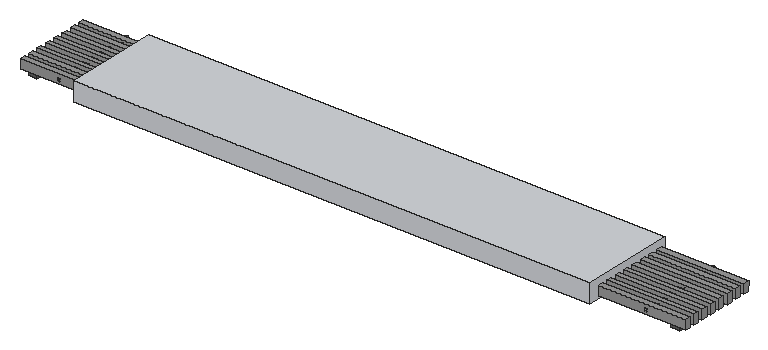
Revit family "1212-8, Solid", category Generic Models, host Face, Revit 2020
Family settings
  Host = Face
  Can host rebar = No
  Round Connector Dimension = Use Diameter
  Part Type = Normal
  Cut with Voids When Loaded = No
  Shared = No
  Room Calculation Point = No
Parameters
  min_value [instance] = 1' - 11 1/4"  # constant formula
  max_value [instance] = 11' - 11 1/4"  # constant formula
  actual_value [instance] = if(NET LENGTH < min_value, min_value, if(NET LENGTH > max_value, max_value, NET LENGTH))  # 7' - 11 1/4"
  NET LENGTH [instance] = 7' - 11 1/4"
  IMPORTANT NOTE!!!                                                                             *Backer & dowel layout is for visualization purposes only, final layout to be determined by 9Wood. [instance] = ""
  Default Elevation = 4' - 0"
  DOWEL RADIUS [instance] = 0' - 0 1/4"  # constant formula
  BACKING M MATERIAL [instance] = BLACK-BACKERS
  .. MEMBER WIDTH [instance] = 0' - 0 3/4"  # constant formula
  .. MEMBER MATERIAL [instance] = Solid Western Hemlock
  .. MEMBER DEPTH [instance] = 0' - 1 3/8"  # constant formula
  .. MEMBER COUNT [instance] = 8  # constant formula
Reference planes (in)
  plane 1 "Center (Front/Back)": y = 0
  plane 2: z = 2.726
  plane 3 "Center (Left/Right)": x = 0
Forms (in)
  Extrusion 1, solid
    sketch origin (15, -0.86619, -0.99308) x (0, 1, 0) y (-1, 0, 0)
      loop
        line (3.42869, -23.66817) -> (3.42869, 50.25) -> (-10, 50.25) -> (-10, -23.66817) -> (3.42869, -23.66817)
    from 3.71908 to 1.00111
Dimensions and locks (in)
  aligned and locked: plane 2 to Extrusion 1
Nested families (in)
  nested 1: "1200 Series" at (-44, -2, 1.87867), NET LENGTH <- "actual_value", DOWEL RADII <- "DOWEL RADIUS", .. MEMBER WIDTH <- ".. MEMBER WIDTH", .. MEMBER DEPTH <- ".. MEMBER DEPTH", .. MEMBER MATERIAL <- ".. MEMBER MATERIAL", BACKING M MATERIAL <- "BACKING M MATERIAL", .. MEMBER COUNT <- ".. MEMBER COUNT", type "1200 Series"
    with X 7' - 4", WIDTH 1' - 0 1/16", Space 0' - 0 11/16", START 0' - 0 3/8", SCRIM MATERIAL SCRIM, SCRIM 3 8' - 1", SCRIM 2 0' - 0 7/8", SCRIM 1 0' - 0 3/32", SCRIM yes, NET LENGTH 7' - 11 1/4", N 8, INSET 3 0' - 0 3/16", INSET 0' - 1", INDEX 0' - 5 5/8", END BACKER yes, DOWEL RADII 0' - 0 1/4", DOWEL COUNT 8, BACKING M WIDTH 0' - 1 1/4", BACKING M MATERIAL BLACK-BACKERS, BACKING M LENGTH 0' - 11 7/8", BACKING M DEPTH 0' - 0 1/2", .. MEMBER WIDTH 0' - 0 3/4", .. MEMBER OC TYP 0' - 1 1/2", .. MEMBER MATERIAL Solid Western Hemlock, .. MEMBER DEPTH 0' - 1 3/8", .. MEMBER COUNT 8
Definition of nested family "1200 Series"
  Parameters (values of type "1200 Series")
    X [instance] = NET LENGTH - (0' 3 5/8" * 2)  # 6' - 2"
    WIDTH [instance] = 1' - 0 1/16"
    Space [instance] = 0' - 0 11/16"  # constant formula
    START [instance] = .. MEMBER WIDTH / 2  # 0' - 0 3/8"
    SCRIM MATERIAL [instance] = none
    SCRIM 3 [instance] = NET LENGTH + (SCRIM 2 * 2)  # 6' - 11"
    SCRIM 2 [instance] = 0' - 0 7/8"
    SCRIM 1 [instance] = 0' - 0 3/32"
    SCRIM [instance] = yes
    NET LENGTH [instance] = 6' - 9 1/4"
    N [instance] = if((X - (rounddown(X / 1' 0") * 1' 0")) > 1' 0", rounddown(X / 1' 0") + 2, rounddown(X / 1' 0") + 1)  # 7
    INSET 3 [instance] = 0' - 0 3/16"
    INSET [instance] = 0' - 1"
    INDEX [instance] = (NET LENGTH - ((N - 1) * 1' 0")) / 2  # 0' - 4 5/8"
    END BACKER [instance] = yes
    Default Elevation = 0' - 0"
    DOWEL RADII [instance] = 0' - 0 1/4"
    DOWEL COUNT [instance] = N  # 7
    BACKING M WIDTH [instance] = 0' - 1 1/4"
    BACKING M MATERIAL [instance] = none
    BACKING M LENGTH [instance] = 0' - 11 7/8"
    BACKING M DEPTH [instance] = 0' - 0 1/2"
    .. MEMBER WIDTH [instance] = 0' - 0 3/4"
    .. MEMBER OC TYP [instance] = 1' 0" / .. MEMBER COUNT  # 0' - 3"
    .. MEMBER MATERIAL [instance] = none
    .. MEMBER DEPTH [instance] = 0' - 1 3/8"
    .. MEMBER COUNT [instance] = 4
  Reference planes (in)
    plane 1 "Center (Front/Back)": y = -7.5
    plane 2: z = 0
    plane 3 "Center (Left/Right)": x = 0
    plane 4: x = 1
    plane 5: x = 4.625
    plane 6: x = 81.25
    plane 7: x = 80.25
    plane 8: x = 16.625
    plane 9: y = -7.3125
    plane 10: y = -4.125
    plane 11: y = -7.125
    plane 12: y = 4.5625
    plane 13: y = -4.5
    plane 14: y = -7.59375
    plane 15: x = 82.125
    plane 16: y = 4.65625
    plane 17: x = -0.875
    plane 18: z = -1.375
    plane 19: z = -0.6875
  Lines and regions (in)
    model lines
      curve 1: line (4.375, -7.5, -0.6875) -> (4.875, -7.5, -0.6875)
    model lines, not visible
      curve 2: line (4.625, -7.5, -0.9375) -> (4.625, -7.5, -0.4375)
      curve 3: line (4.375, -7.5, -0.6875) -> (4.875, -7.5, -0.6875)
      curve 4: line (16.625, -7.5, -0.9375) -> (16.625, -7.5, -0.4375)
      curve 5: line (16.375, -7.5, -0.6875) -> (16.875, -7.5, -0.6875)
      curve 6: line (28.625, -7.5, -0.9375) -> (28.625, -7.5, -0.4375)
      curve 7: line (28.375, -7.5, -0.6875) -> (28.875, -7.5, -0.6875)
      curve 8: line (40.625, -7.5, -0.9375) -> (40.625, -7.5, -0.4375)
      curve 9: line (40.375, -7.5, -0.6875) -> (40.875, -7.5, -0.6875)
      curve 10: line (52.625, -7.5, -0.9375) -> (52.625, -7.5, -0.4375)
      curve 11: line (52.375, -7.5, -0.6875) -> (52.875, -7.5, -0.6875)
      curve 12: line (64.625, -7.5, -0.9375) -> (64.625, -7.5, -0.4375)
      curve 13: line (64.375, -7.5, -0.6875) -> (64.875, -7.5, -0.6875)
      curve 14: line (76.625, -7.5, -0.9375) -> (76.625, -7.5, -0.4375)
      curve 15: line (76.375, -7.5, -0.6875) -> (76.875, -7.5, -0.6875)
  Dimensions and locks (in)
    "NET LENGTH": plane 3 "Center (Left/Right)" to plane 6
    "INSET": plane 7 to plane 6
    "INDEX": plane 3 "Center (Left/Right)" to plane 5
    plane 5 to plane 8 = 1' - 0"
    "INSET 3": plane 1 "Center (Front/Back)" to plane 9
    equal spacing: group 1, group 2, group 3, group 4  (x3)
    "START": plane 11 to plane 1 "Center (Front/Back)"
    ".. MEMBER OC TYP": plane 10 to plane 11
    "WIDTH": plane 12 to plane 1 "Center (Front/Back)"
    "START": plane 10 to plane 13
    "SCRIM 1": plane 14 to plane 1 "Center (Front/Back)"
    "SCRIM 2": plane 6 to plane 15
    "SCRIM 1": plane 12 to plane 16
    "SCRIM 2": plane 17 to plane 3 "Center (Left/Right)"
    "INSET": plane 3 "Center (Left/Right)" to plane 4
    equal spacing: group 5, group 6, group 7, group 8, group 9, group 10, group 11  (x3)
    "Space": plane 19 to plane 18
    aligned and locked: level to plane 2
    aligned and locked: nested 1 to plane 4  (x2)
    aligned and locked: plane 7 to nested 2
    aligned and locked: plane 5 to nested 3
    aligned and locked: nested 1 to plane 9
    aligned and locked: plane 1 "Center (Front/Back)" to nested 4
    aligned and locked: plane 9 to nested 2
    aligned and locked: plane 13 to nested 5
    aligned and locked: nested 3 to plane 9
    aligned and locked: plane 18 to nested 1
    aligned and locked: plane 19 to nested 3
    aligned and locked: curve 1 to plane 19
    aligned and locked: plane 8 to curve 4
    aligned and locked: curve 5 to plane 19
    aligned and locked: nested 4 to plane 18
  Automatic sketch dimensions
    curve 1 to curve 1 = 0' - 0 1/2"
    curve 1 to plane 5 = 0' - 0 1/4"
    plane 5 to curve 1 = 0' - 0 1/4"
    curve 3 to curve 2 = 0' - 0 1/4"  (x2)
    curve 2 to curve 3 = 0' - 0 1/4"  (x2)
    curve 5 to curve 4 = 0' - 0 1/4"  (x2)
    curve 4 to curve 5 = 0' - 0 1/4"  (x2)
    curve 7 to curve 6 = 0' - 0 1/4"  (x2)
    curve 6 to curve 7 = 0' - 0 1/4"  (x2)
    curve 9 to curve 8 = 0' - 0 1/4"  (x2)
    curve 8 to curve 9 = 0' - 0 1/4"  (x2)
    curve 11 to curve 10 = 0' - 0 1/4"  (x2)
    curve 10 to curve 11 = 0' - 0 1/4"  (x2)
    curve 13 to curve 12 = 0' - 0 1/4"  (x2)
    curve 12 to curve 13 = 0' - 0 1/4"  (x2)
    curve 15 to curve 14 = 0' - 0 1/4"  (x2)
    curve 14 to curve 15 = 0' - 0 1/4"  (x2)
  Nested families (in)
    nested 1: "INSTANCE - 2ND -  EXTEND SIDE H CENTER W - Parametric Cube" at (1, -1.375, -1.375) x (0, -1, 0) z (0, 0, 1), Width <- "BACKING M LENGTH", Length <- "BACKING M WIDTH", Material <- "BACKING M MATERIAL", Height <- "BACKING M DEPTH", visible <- "END BACKER", type "INSTANCE - 2ND -  EXTEND SIDE H CENTER W - Parametric Cube"
      with Width 0' - 11 7/8", Material none, Length 0' - 1 1/4", Height 0' - 0 1/2"
    nested 2: "INSTANCE - 2ND -  EXTEND SIDE H CENTER W - Parametric Cube" at (80.25, -1.375, -1.375) x (0, -1, 0) z (0, 0, 1), Width <- "BACKING M LENGTH", Length <- "BACKING M WIDTH", Material <- "BACKING M MATERIAL", Height <- "BACKING M DEPTH", visible <- "END BACKER", type "INSTANCE - 2ND -  EXTEND SIDE H CENTER W - Parametric Cube"
      with Width 0' - 11 7/8", Material none, Length 0' - 1 1/4", Height 0' - 0 1/2"
    nested 3: "Family3" at (-5.375, -7.3125, -0.6875), DOWEL RADII <- "DOWEL RADII", BACKING MEM MATERIAL <- "BACKING M MATERIAL", type "Family3"
      with DOWEL RADII 0' - 0 1/4", DOWEL LENGTH 0' - 11 7/8", BACKING MEM MATERIAL none
    nested 4: "HOLED MEMBER" at (0, -18.75, 6.19404), DOWEL RADII <- "DOWEL RADII", .. MEMBER LENGTH <- "NET LENGTH", DOWEL COUNT <- "DOWEL COUNT", DEPTH <- ".. MEMBER DEPTH", .. MEMBER WIDTH <- ".. MEMBER WIDTH", Material <- ".. MEMBER MATERIAL", DOWEL INDEX <- "INDEX", Space 2 <- "Space", type "HOLED MEMBER"
      with Width 0' - 6", Space 2 0' - 0 11/16", Material none, Length 1' - 0", Height 0' - 10.43096", DOWEL RADII 0' - 0 1/4", DOWEL OC DIST 1' - 0", DOWEL INDEX 0' - 4 5/8", DOWEL COUNT 7, DEPTH 0' - 1 3/8", .. MEMBER WIDTH 0' - 0 3/4", .. MEMBER LENGTH 6' - 9 1/4"
    nested 5: "HOLED MEMBER" at (0, -15.75, 6.19404), DOWEL RADII <- "DOWEL RADII", .. MEMBER LENGTH <- "NET LENGTH", DOWEL COUNT <- "DOWEL COUNT", DEPTH <- ".. MEMBER DEPTH", .. MEMBER WIDTH <- ".. MEMBER WIDTH", Material <- ".. MEMBER MATERIAL", DOWEL INDEX <- "INDEX", Space 2 <- "Space", type "HOLED MEMBER"
      with Width 0' - 6", Space 2 0' - 0 11/16", Material none, Length 1' - 0", Height 0' - 10.43096", DOWEL RADII 0' - 0 1/4", DOWEL OC DIST 1' - 0", DOWEL INDEX 0' - 4 5/8", DOWEL COUNT 7, DEPTH 0' - 1 3/8", .. MEMBER WIDTH 0' - 0 3/4", .. MEMBER LENGTH 6' - 9 1/4"
    nested 6: "HOLED MEMBER" at (0, -12.75, 6.19404), DOWEL RADII <- "DOWEL RADII", .. MEMBER LENGTH <- "NET LENGTH", DOWEL COUNT <- "DOWEL COUNT", DEPTH <- ".. MEMBER DEPTH", .. MEMBER WIDTH <- ".. MEMBER WIDTH", Material <- ".. MEMBER MATERIAL", DOWEL INDEX <- "INDEX", Space 2 <- "Space", type "HOLED MEMBER"
      with Width 0' - 6", Space 2 0' - 0 11/16", Material none, Length 1' - 0", Height 0' - 10.43096", DOWEL RADII 0' - 0 1/4", DOWEL OC DIST 1' - 0", DOWEL INDEX 0' - 4 5/8", DOWEL COUNT 7, DEPTH 0' - 1 3/8", .. MEMBER WIDTH 0' - 0 3/4", .. MEMBER LENGTH 6' - 9 1/4"
    nested 7: "HOLED MEMBER" at (0, -9.75, 6.19404), DOWEL RADII <- "DOWEL RADII", .. MEMBER LENGTH <- "NET LENGTH", DOWEL COUNT <- "DOWEL COUNT", DEPTH <- ".. MEMBER DEPTH", .. MEMBER WIDTH <- ".. MEMBER WIDTH", Material <- ".. MEMBER MATERIAL", DOWEL INDEX <- "INDEX", Space 2 <- "Space", type "HOLED MEMBER"
      with Width 0' - 6", Space 2 0' - 0 11/16", Material none, Length 1' - 0", Height 0' - 10.43096", DOWEL RADII 0' - 0 1/4", DOWEL OC DIST 1' - 0", DOWEL INDEX 0' - 4 5/8", DOWEL COUNT 7, DEPTH 0' - 1 3/8", .. MEMBER WIDTH 0' - 0 3/4", .. MEMBER LENGTH 6' - 9 1/4"
    nested 8: "Family3" at (6.625, -7.3125, -0.6875), DOWEL RADII <- "DOWEL RADII", BACKING MEM MATERIAL <- "BACKING M MATERIAL", type "Family3"
      with DOWEL RADII 0' - 0 1/4", DOWEL LENGTH 0' - 11 7/8", BACKING MEM MATERIAL none
    nested 9: "Family3" at (18.625, -7.3125, -0.6875), DOWEL RADII <- "DOWEL RADII", BACKING MEM MATERIAL <- "BACKING M MATERIAL", type "Family3"
      with DOWEL RADII 0' - 0 1/4", DOWEL LENGTH 0' - 11 7/8", BACKING MEM MATERIAL none
    nested 10: "Family3" at (30.625, -7.3125, -0.6875), DOWEL RADII <- "DOWEL RADII", BACKING MEM MATERIAL <- "BACKING M MATERIAL", type "Family3"
      with DOWEL RADII 0' - 0 1/4", DOWEL LENGTH 0' - 11 7/8", BACKING MEM MATERIAL none
    nested 11: "Family3" at (42.625, -7.3125, -0.6875), DOWEL RADII <- "DOWEL RADII", BACKING MEM MATERIAL <- "BACKING M MATERIAL", type "Family3"
      with DOWEL RADII 0' - 0 1/4", DOWEL LENGTH 0' - 11 7/8", BACKING MEM MATERIAL none
    nested 12: "Family3" at (54.625, -7.3125, -0.6875), DOWEL RADII <- "DOWEL RADII", BACKING MEM MATERIAL <- "BACKING M MATERIAL", type "Family3"
      with DOWEL RADII 0' - 0 1/4", DOWEL LENGTH 0' - 11 7/8", BACKING MEM MATERIAL none
    nested 13: "Family3" at (66.625, -7.3125, -0.6875), DOWEL RADII <- "DOWEL RADII", BACKING MEM MATERIAL <- "BACKING M MATERIAL", type "Family3"
      with DOWEL RADII 0' - 0 1/4", DOWEL LENGTH 0' - 11 7/8", BACKING MEM MATERIAL none
  Definition of nested family "INSTANCE - 2ND -  EXTEND SIDE H CENTER W - Parametric Cube"
    Parameters (values of type "INSTANCE - 2ND -  EXTEND SIDE H CENTER W - Parametric Cube")
      Width [instance] = 0' - 6"
      Material [instance] = none
      Length [instance] = 1' - 0"
      Height [instance] = 1' - 6"
      Default Elevation = 0' - 0"
    Reference planes (in)
      plane 1 "Center (Front/Back)": y = 0
      plane 2: z = 0
      plane 3 "Center (Left/Right)": x = 0
      plane 4: x = -3
      plane 5: x = 3
      plane 6: y = 12
      plane 7: z = -18
    Forms (in)
      Extrusion 1, solid, material <- "Material"
        sketch origin (0, 6, 0) x (1, 0, 0) y (0, 1, 0)
          loop
            line (-3, 6) -> (-3, -6) -> (3, -6) -> (3, 6) -> (-3, 6)
        from -18 to 0
    Dimensions and locks (in)
      equal spacing: plane 4, plane 3 "Center (Left/Right)", plane 5
      "Width": plane 4 to plane 5
      "Height": plane 7 to level
      "Length": plane 1 "Center (Front/Back)" to plane 6
      aligned and locked: plane 2 to level
      aligned and locked: plane 4 to Extrusion 1 sketch curve
      aligned and locked: Extrusion 1 sketch curve to plane 5
      aligned and locked: Extrusion 1 to plane 7
      aligned and locked: plane 6 to Extrusion 1
    Automatic sketch dimensions
      plane 1 "Center (Front/Back)" to Extrusion 1 sketch curve = 0' - 0"
      plane 6 to Extrusion 1 sketch curve = 0' - 0"
  Definition of nested family "Family3"
    Parameters (values of type "Family3")
      Default Elevation = 0' - 0"
      DOWEL RADII [instance] = 0' - 0 5/8"
      DOWEL LENGTH [instance] = 0' - 5"
      BACKING MEM MATERIAL [instance] = none
    Reference planes (in)
      plane 1 "Center (Front/Back)": y = 0
      plane 2: z = 0
      plane 3 "Center (Left/Right)": x = 0
      plane 4: y = 5
    Forms (in)
      Extrusion 1, solid, material <- "BACKING MEM MATERIAL"
        sketch origin (10, 0, 0) x (1, 0, 0) y (0, 0, 1)
          loop
            circle (0, 0) r 0.625
        from 0 to -5
      Extrusion 2, solid, not visible
        sketch origin (0, 0, 0) x (1, 0, 0) y (0, 0, 1)
          loop
            circle (0, 0) r 0.625
        from 0 to 12
      Extrusion 3, solid, not visible
        sketch origin (10, 0, 0) x (1, 0, 0) y (0, 0, 1)
          loop
            circle (0, 0) r 0.625
        from 0 to 2.5
      Extrusion 4, solid, not visible
        sketch origin (10, 0, 0) x (1, 0, 0) y (0, 0, 1)
          loop
            circle (0, 0) r 0.625
        from 0 to -12
    Lines and regions (in)
      model lines, not visible
        curve 1: line (-13, 0, 0) -> (-13, -12, 0)
        curve 2: line (13, 0, 0) -> (13, -12, 0)
        curve 3: line (9.89453, 0, 0) -> (10.08794, 0, 0)
        curve 4: line (9.89453, -2.5, 0) -> (10.08794, -2.5, 0)
        curve 6: line (10, 0, 0) -> (10, 2, 0)
      model lines
        curve 5: line (10, 0, 0) -> (10, 2, 0)
    Dimensions and locks (in)
      "DOWEL LENGTH": plane 1 "Center (Front/Back)" to plane 4
      "DOWEL RADII": radius of Extrusion 1 sketch curve
      "DOWEL RADII": radius of Extrusion 2 sketch curve
      "DOWEL RADII": radius of Extrusion 3 sketch curve
      "DOWEL RADII": radius of Extrusion 4 sketch curve
      "DOWEL RADII": radius of Extrusion 1
      aligned and locked: plane 2 to level
      aligned and locked: Extrusion 1 to plane 1 "Center (Front/Back)"  (x3)
      aligned and locked: plane 1 "Center (Front/Back)" to Extrusion 1
      aligned and locked: plane 4 to Extrusion 1
    Automatic sketch dimensions
      plane 1 "Center (Front/Back)" to curve 5 = 0' - 0"
      curve 5 to plane 1 "Center (Front/Back)" = 0' - 2"
      plane 3 "Center (Left/Right)" to curve 5 = 0' - 10"
      Extrusion 1 sketch curve to level = 0' - 0"
      plane 3 "Center (Left/Right)" to Extrusion 1 sketch curve = 0' - 10"
  Definition of nested family "HOLED MEMBER"
    Parameters (values of type "HOLED MEMBER")
      Width [instance] = 0' - 6"
      Space 2 [instance] = 0' - 0 5/8"
      Space = 0' - 0 5/8"
      Material [instance] = none
      Length [instance] = 1' - 0"
      Height [instance] = 0' - 10.43096"
      Default Elevation = 0' - 0"
      DOWEL RADII [instance] = 0' - 0.34537"
      DOWEL OC DIST [instance] = 1' - 0"
      DOWEL INSET = 0' - 0 5/8"
      DOWEL INDEX [instance] = 0' - 5 5/8"
      DOWEL COUNT [instance] = 6
      DEPTH [instance] = 0' - 2"
      .. MEMBER WIDTH [instance] = 0' - 0 5/8"
      .. MEMBER LENGTH [instance] = 5' - 11 3/4"
    Reference planes (in)
      plane 1 "Center (Front/Back)": y = 12
      plane 2: z = -7.56904
      plane 3 "Center (Left/Right)": x = 0
      plane 4: x = 5.625
      plane 5: x = 17.625
      plane 6: y = 11.375
      plane 7: x = 71.75
      plane 8: z = -6.94404
      plane 9: z = -5.56904
    Forms (in)
      Extrusion 1, solid, material <- "Material"
        sketch origin (0, 12, -13.56904) x (1, 0, 0) y (0, 0, 1)
          loop
            line (0, 6) -> (71.75, 6) -> (71.75, 8) -> (0, 8) -> (0, 6)
        from 0.625 to 0
      Extrusion 2, void
        sketch origin (0, 12, -18.31904) x (1, 0, 0) y (0, 0, 1)
          loop
            circle (5.625, 11.375) r 0.34537
        from 0 to 12
      Extrusion 3, void, not visible
        sketch origin (0, 1.25, 0) x (1, 0, 0) y (0, 1, 0)
          loop
            circle (5.625, 11.375) r 0.34537
        from 0 to 12
      Extrusion 4, void, not visible
        sketch origin (0, 1.25, 0) x (1, 0, 0) y (0, 1, 0)
          loop
            circle (5.625, 11.375) r 0.34537
        from 0 to 12
      Extrusion 5, void, not visible
        sketch origin (12, 1.25, 0) x (1, 0, 0) y (0, 1, 0)
          loop
            circle (5.625, 11.375) r 0.34537
        from 0 to 12
      Extrusion 6, void, not visible
        sketch origin (0, 12, -16.31904) x (1, 0, 0) y (0, 0, 1)
          loop
            circle (5.625, 11.375) r 0.34537
        from 0 to 12
      Extrusion 7, void, not visible
        sketch origin (12, 12, -16.31904) x (1, 0, 0) y (0, 0, 1)
          loop
            circle (5.625, 11.375) r 0.34537
        from 0 to 12
      Extrusion 8, void, not visible
        sketch origin (0, 12, -18.31904) x (1, 0, 0) y (0, 0, 1)
          loop
            circle (5.625, 11.375) r 0.34537
        from 0 to 12
      Extrusion 9, void
        sketch origin (12, 12, -18.31904) x (1, 0, 0) y (0, 0, 1)
          loop
            circle (5.625, 11.375) r 0.34537
        from 0 to 12
      Extrusion 10, void, not visible
        sketch origin (24, 12, -16.31904) x (1, 0, 0) y (0, 0, 1)
          loop
            circle (5.625, 11.375) r 0.34537
        from 0 to 12
      Extrusion 11, void, not visible
        sketch origin (36, 12, -16.31904) x (1, 0, 0) y (0, 0, 1)
          loop
            circle (5.625, 11.375) r 0.34537
        from 0 to 12
      Extrusion 12, void, not visible
        sketch origin (48, 12, -16.31904) x (1, 0, 0) y (0, 0, 1)
          loop
            circle (5.625, 11.375) r 0.34537
        from 0 to 12
      Extrusion 13, void, not visible
        sketch origin (60, 12, -16.31904) x (1, 0, 0) y (0, 0, 1)
          loop
            circle (5.625, 11.375) r 0.34537
        from 0 to 12
      Extrusion 14, void, not visible
        sketch origin (24, 1.25, 0) x (1, 0, 0) y (0, 1, 0)
          loop
            circle (5.625, 11.375) r 0.34537
        from 0 to 12
      Extrusion 15, void, not visible
        sketch origin (36, 1.25, 0) x (1, 0, 0) y (0, 1, 0)
          loop
            circle (5.625, 11.375) r 0.34537
        from 0 to 12
      Extrusion 16, void, not visible
        sketch origin (48, 1.25, 0) x (1, 0, 0) y (0, 1, 0)
          loop
            circle (5.625, 11.375) r 0.34537
        from 0 to 12
      Extrusion 17, void, not visible
        sketch origin (60, 1.25, 0) x (1, 0, 0) y (0, 1, 0)
          loop
            circle (5.625, 11.375) r 0.34537
        from 0 to 12
      Extrusion 18, void
        sketch origin (24, 12, -18.31904) x (1, 0, 0) y (0, 0, 1)
          loop
            circle (5.625, 11.375) r 0.34537
        from 0 to 12
      Extrusion 19, void
        sketch origin (36, 12, -18.31904) x (1, 0, 0) y (0, 0, 1)
          loop
            circle (5.625, 11.375) r 0.34537
        from 0 to 12
      Extrusion 20, void
        sketch origin (48, 12, -18.31904) x (1, 0, 0) y (0, 0, 1)
          loop
            circle (5.625, 11.375) r 0.34537
        from 0 to 12
      Extrusion 21, void
        sketch origin (60, 12, -18.31904) x (1, 0, 0) y (0, 0, 1)
          loop
            circle (5.625, 11.375) r 0.34537
        from 0 to 12
    Cuts and joins
      Extrusion 2, Extrusion 9, Extrusion 18, Extrusion 19, Extrusion 20, Extrusion 21 cuts Extrusion 1
    Lines and regions (in)
      model lines, not visible
        curve 1: line (5.625, 11.72037, 0) -> (5.625, 11.02963, 0)
        curve 2: line (5.625, 11.72037, 0) -> (5.625, 11.02963, 0)
        curve 3: line (17.625, 11.72037, 0) -> (17.625, 11.02963, 0)
        curve 4: line (5.625, 12, -7.56904) -> (5.625, 11.87317, -7.56904)
        curve 5: line (5.625, 11.87317, -7.56904) -> (5.06195, 11.87317, -7.56904)
        curve 6: line (5.06195, 11.87317, -7.56904) -> (5.27963, 11.375, -7.56904)
        curve 7: line (0, 12, -6.19404) -> (0, 11.61951, -6.19404)
        curve 8: line (0, 11.375, -8.19404) -> (0, 11.6747, -8.19404)
        curve 9: line (5.625, 12, -7.56904) -> (5.625, 11.69863, -7.56904)
        curve 11: line (5.625, 12, 0) -> (5.625, 12, 0.30137)
        curve 12: line (5.625, 12, 0) -> (5.625, 12, 0.30137)
        curve 13: line (17.625, 12, 0) -> (17.625, 12, 0.30137)
        curve 14: line (5.625, 12, -5.56904) -> (5.625, 11.69863, -5.56904)
        curve 15: line (17.625, 12, -5.56904) -> (17.625, 11.69863, -5.56904)
        curve 16: line (5.625, 12, -7.56904) -> (5.625, 11.69863, -7.56904)
        curve 18: line (29.625, 12, -5.56904) -> (29.625, 11.69863, -5.56904)
        curve 19: line (41.625, 12, -5.56904) -> (41.625, 11.69863, -5.56904)
        curve 20: line (53.625, 12, -5.56904) -> (53.625, 11.69863, -5.56904)
        curve 21: line (65.625, 12, -5.56904) -> (65.625, 11.69863, -5.56904)
        curve 22: line (29.625, 11.72037, 0) -> (29.625, 11.02963, 0)
        curve 23: line (29.625, 12, 0) -> (29.625, 12, 0.30137)
        curve 24: line (41.625, 11.72037, 0) -> (41.625, 11.02963, 0)
        curve 25: line (41.625, 12, 0) -> (41.625, 12, 0.30137)
        curve 26: line (53.625, 11.72037, 0) -> (53.625, 11.02963, 0)
        curve 27: line (53.625, 12, 0) -> (53.625, 12, 0.30137)
        curve 28: line (65.625, 11.72037, 0) -> (65.625, 11.02963, 0)
        curve 29: line (65.625, 12, 0) -> (65.625, 12, 0.30137)
        curve 35: line (5.27963, 12.625, 0) -> (5.97037, 12.625, 0)
        curve 36: line (5.27963, 12.625, 0) -> (5.97037, 12.625, 0)
        curve 37: line (17.27963, 12.625, 0) -> (17.97037, 12.625, 0)
        curve 38: line (5.27963, 12, -4.94404) -> (5.97037, 12, -4.94404)
        curve 39: line (17.27963, 12, -4.94404) -> (17.97037, 12, -4.94404)
        curve 40: line (5.27963, 12, -6.94404) -> (5.97037, 12, -6.94404)
        curve 42: line (29.27963, 12, -4.94404) -> (29.97037, 12, -4.94404)
        curve 43: line (41.27963, 12, -4.94404) -> (41.97037, 12, -4.94404)
        curve 44: line (53.27963, 12, -4.94404) -> (53.97037, 12, -4.94404)
        curve 45: line (65.27963, 12, -4.94404) -> (65.97037, 12, -4.94404)
        curve 46: line (29.27963, 12.625, 0) -> (29.97037, 12.625, 0)
        curve 47: line (41.27963, 12.625, 0) -> (41.97037, 12.625, 0)
        curve 48: line (53.27963, 12.625, 0) -> (53.97037, 12.625, 0)
        curve 49: line (65.27963, 12.625, 0) -> (65.97037, 12.625, 0)
        curve 54: line (0, 12, -6.94404) -> (0, 4.22059, -6.94404)
        curve 55: line (0, 12.625, 0) -> (0, 12.625, 7.77941)
        curve 56: line (0, 12.625, 0) -> (0, 12.625, 7.77941)
        curve 57: line (12, 12.625, 0) -> (12, 12.625, 7.77941)
        curve 58: line (0, 12, -4.94404) -> (0, 4.22059, -4.94404)
        curve 59: line (12, 12, -4.94404) -> (12, 4.22059, -4.94404)
        curve 60: line (0, 12, -6.94404) -> (0, 4.22059, -6.94404)
        curve 61: line (12, 12, -6.94404) -> (12, 4.22059, -6.94404)
        curve 62: line (24, 12, -4.94404) -> (24, 4.22059, -4.94404)
        curve 63: line (36, 12, -4.94404) -> (36, 4.22059, -4.94404)
        curve 64: line (48, 12, -4.94404) -> (48, 4.22059, -4.94404)
        curve 65: line (60, 12, -4.94404) -> (60, 4.22059, -4.94404)
        curve 66: line (24, 12.625, 0) -> (24, 12.625, 7.77941)
        curve 67: line (36, 12.625, 0) -> (36, 12.625, 7.77941)
        curve 68: line (48, 12.625, 0) -> (48, 12.625, 7.77941)
        curve 69: line (60, 12.625, 0) -> (60, 12.625, 7.77941)
        curve 70: line (24, 12, -6.94404) -> (24, 4.22059, -6.94404)
        curve 71: line (36, 12, -6.94404) -> (36, 4.22059, -6.94404)
        curve 72: line (48, 12, -6.94404) -> (48, 4.22059, -6.94404)
        curve 73: line (60, 12, -6.94404) -> (60, 4.22059, -6.94404)
      model lines
        curve 10: line (5.625, 12, -7.56904) -> (5.625, 11.69863, -7.56904)
        curve 17: line (17.625, 12, -7.56904) -> (17.625, 11.69863, -7.56904)
        curve 30: line (29.625, 12, -7.56904) -> (29.625, 11.69863, -7.56904)
        curve 31: line (41.625, 12, -7.56904) -> (41.625, 11.69863, -7.56904)
        curve 32: line (53.625, 12, -7.56904) -> (53.625, 11.69863, -7.56904)
        curve 33: line (65.625, 12, -7.56904) -> (65.625, 11.69863, -7.56904)
        curve 34: line (5.27963, 12, -6.94404) -> (5.97037, 12, -6.94404)
        curve 41: line (17.27963, 12, -6.94404) -> (17.97037, 12, -6.94404)
        curve 50: line (29.27963, 12, -6.94404) -> (29.97037, 12, -6.94404)
        curve 51: line (41.27963, 12, -6.94404) -> (41.97037, 12, -6.94404)
        curve 52: line (53.27963, 12, -6.94404) -> (53.97037, 12, -6.94404)
        curve 53: line (65.27963, 12, -6.94404) -> (65.97037, 12, -6.94404)
    Dimensions and locks (in)
      "DOWEL INDEX": plane 3 "Center (Left/Right)" to plane 4
      "DOWEL OC DIST": plane 4 to plane 5
      ".. MEMBER LENGTH": plane 3 "Center (Left/Right)" to plane 7
      equal spacing: group 3, group 4, group 17, group 18, group 19, group 20  (x3)
      equal spacing: group 7, group 8, group 13, group 14, group 15, group 16  (x3)
      equal spacing: group 1, group 12, group 21, group 22, group 23, group 24  (x3)
      ".. MEMBER WIDTH": plane 6 to plane 1 "Center (Front/Back)"
      "DEPTH": plane 9 to level
      "Space 2": plane 8 to level
      "DOWEL RADII": radius of Extrusion 2 sketch curve
      "DOWEL RADII": radius of Extrusion 3 sketch curve
      "DOWEL RADII": radius of Extrusion 4 sketch curve
      "DOWEL RADII": radius of Extrusion 5 sketch curve
      "DOWEL RADII": radius of Extrusion 6 sketch curve
      "DOWEL RADII": radius of Extrusion 7 sketch curve
      "DOWEL RADII": radius of Extrusion 8 sketch curve
      "DOWEL RADII": radius of Extrusion 9 sketch curve
      "DOWEL RADII": radius of Extrusion 10 sketch curve
      "DOWEL RADII": radius of Extrusion 11 sketch curve
      "DOWEL RADII": radius of Extrusion 12 sketch curve
      "DOWEL RADII": radius of Extrusion 13 sketch curve
      "DOWEL RADII": radius of Extrusion 14 sketch curve
      "DOWEL RADII": radius of Extrusion 15 sketch curve
      "DOWEL RADII": radius of Extrusion 16 sketch curve
      "DOWEL RADII": radius of Extrusion 17 sketch curve
      "DOWEL RADII": radius of Extrusion 18 sketch curve
      "DOWEL RADII": radius of Extrusion 19 sketch curve
      "DOWEL RADII": radius of Extrusion 20 sketch curve
      "DOWEL RADII": radius of Extrusion 21 sketch curve
      aligned and locked: level to plane 2
      aligned and locked: Extrusion 1 to plane 3 "Center (Left/Right)"  (x2)
      aligned and locked: plane 7 to cut or joined group of Extrusion 1, Extrusion 2, Extrusion 9, Extrusion 18, Extrusion 19, Extrusion 20, Extrusion 21  (x2)
      aligned and locked: cut or joined group of Extrusion 1, Extrusion 2, Extrusion 9, Extrusion 18, Extrusion 19, Extrusion 20, Extrusion 21 to plane 1 "Center (Front/Back)"  (x2)
      aligned and locked: cut or joined group of Extrusion 1, Extrusion 2, Extrusion 9, Extrusion 18, Extrusion 19, Extrusion 20, Extrusion 21 to plane 6  (x2)
      aligned and locked: plane 4 to curve 10
      aligned and locked: plane 5 to curve 17
      aligned and locked: plane 9 to cut or joined group of Extrusion 1, Extrusion 2, Extrusion 9, Extrusion 18, Extrusion 19, Extrusion 20, Extrusion 21  (x2)
      aligned and locked: cut or joined group of Extrusion 1, Extrusion 2, Extrusion 9, Extrusion 18, Extrusion 19, Extrusion 20, Extrusion 21 to level
      aligned and locked: plane 8 to Extrusion 2
      aligned and locked: curve 34 to plane 8
      aligned and locked: curve 41 to plane 8
      aligned and locked: level to curve 10
      aligned and locked: curve 10 to level
      aligned and locked: plane 8 to cut or joined group of Extrusion 1, Extrusion 2, Extrusion 9, Extrusion 18, Extrusion 19, Extrusion 20, Extrusion 21
      aligned and locked: curve 54 to plane 8
    Automatic sketch dimensions
      curve 1 to curve 1 = 0' - 0.69074"
      curve 2 to curve 2 = 0' - 0.69074"
      curve 3 to curve 3 = 0' - 0.69074"
      Extrusion 1 sketch curve to plane 3 "Center (Left/Right)" = 0' - 0"
      Extrusion 1 sketch curve to plane 7 = 0' - 0"
      Extrusion 1 sketch curve to Extrusion 1 sketch curve = 0' - 2"
      level to Extrusion 1 sketch curve = 0' - 0"
      curve 9 to curve 9 = 0' - 0.30137"
      curve 10 to curve 10 = 0' - 0.30137"
      curve 11 to curve 11 = 0' - 0.30137"
      curve 12 to curve 12 = 0' - 0.30137"
      curve 13 to curve 13 = 0' - 0.30137"
      curve 14 to curve 14 = 0' - 0.30137"
      curve 15 to curve 15 = 0' - 0.30137"
      curve 16 to curve 16 = 0' - 0.30137"
      curve 17 to curve 17 = 0' - 0.30137"
      curve 18 to curve 18 = 0' - 0.30137"
      curve 19 to curve 19 = 0' - 0.30137"
      curve 20 to curve 20 = 0' - 0.30137"
      curve 21 to curve 21 = 0' - 0.30137"
      curve 22 to curve 22 = 0' - 0.69074"
      curve 23 to curve 23 = 0' - 0.30137"
      curve 24 to curve 24 = 0' - 0.69074"
      curve 25 to curve 25 = 0' - 0.30137"
      curve 26 to curve 26 = 0' - 0.69074"
      curve 27 to curve 27 = 0' - 0.30137"
      curve 28 to curve 28 = 0' - 0.69074"
      curve 29 to curve 29 = 0' - 0.30137"
      curve 30 to curve 30 = 0' - 0.30137"
      curve 31 to curve 31 = 0' - 0.30137"
      curve 32 to curve 32 = 0' - 0.30137"
      curve 33 to curve 33 = 0' - 0.30137"
      curve 34 to curve 34 = 0' - 0.69074"
      curve 35 to curve 35 = 0' - 0.69074"
      curve 36 to curve 36 = 0' - 0.69074"
      curve 37 to curve 37 = 0' - 0.69074"
      curve 38 to curve 38 = 0' - 0.69074"
      curve 39 to curve 39 = 0' - 0.69074"
      curve 40 to curve 40 = 0' - 0.69074"
      curve 41 to curve 41 = 0' - 0.69074"
      curve 42 to curve 42 = 0' - 0.69074"
      curve 43 to curve 43 = 0' - 0.69074"
      curve 44 to curve 44 = 0' - 0.69074"
      curve 45 to curve 45 = 0' - 0.69074"
      curve 46 to curve 46 = 0' - 0.69074"
      curve 47 to curve 47 = 0' - 0.69074"
      curve 48 to curve 48 = 0' - 0.69074"
      curve 49 to curve 49 = 0' - 0.69074"
      curve 50 to curve 50 = 0' - 0.69074"
      curve 51 to curve 51 = 0' - 0.69074"
      curve 52 to curve 52 = 0' - 0.69074"
      curve 53 to curve 53 = 0' - 0.69074"
      curve 54 to curve 54 = 0' - 7.77941"
      curve 55 to curve 55 = 0' - 7.77941"
      curve 56 to curve 56 = 0' - 7.77941"
      curve 57 to curve 57 = 0' - 7.77941"
      curve 58 to curve 58 = 0' - 7.77941"
      curve 59 to curve 59 = 0' - 7.77941"
      curve 60 to curve 60 = 0' - 7.77941"
      curve 61 to curve 61 = 0' - 7.77941"
      curve 62 to curve 62 = 0' - 7.77941"
      curve 63 to curve 63 = 0' - 7.77941"
      curve 64 to curve 64 = 0' - 7.77941"
      curve 65 to curve 65 = 0' - 7.77941"
      curve 66 to curve 66 = 0' - 7.77941"
      curve 67 to curve 67 = 0' - 7.77941"
      curve 68 to curve 68 = 0' - 7.77941"
      curve 69 to curve 69 = 0' - 7.77941"
      curve 70 to curve 70 = 0' - 7.77941"
      curve 71 to curve 71 = 0' - 7.77941"
      curve 72 to curve 72 = 0' - 7.77941"
      curve 73 to curve 73 = 0' - 7.77941"
